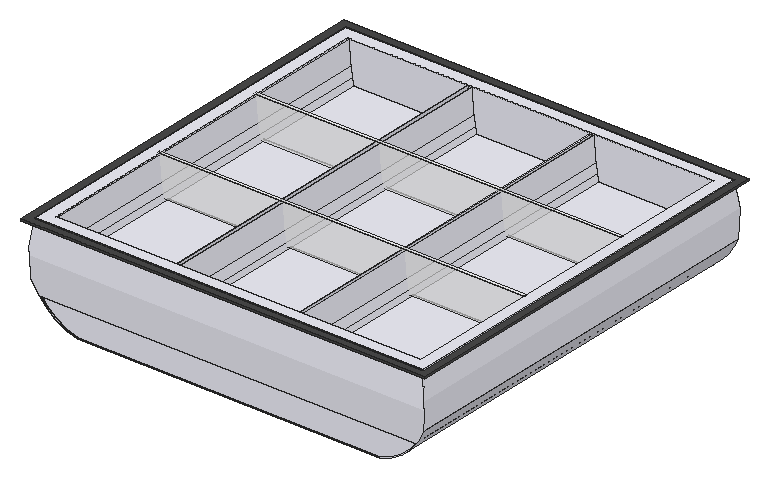
Revit family "P4D22", category Lighting Fixtures, host Face, Revit 2012
Parameters (values of type "P4D22-232U6G-MA33")
  Wattage Comments = "25-54 W"
  Wattage = 9.2903 W
  built-in parameter 1150110 = 1 (stored number, unit not read)
  URL = "http://www.columbialighting.com/"
  built-in parameter 1114217 = 1 (stored number, unit not read)
  Tilt Angle = 90.00°
  built-in parameter 1150109 = 1 (stored number, unit not read)
  built-in parameter 1150134 = 3
  built-in parameter 1150113 = 1 (stored number, unit not read)
  Product Specification Sheet = "http://www.columbialighting.com/products/p4d"
  Product Page URL = "http://www.columbialighting.com/content/products/specs/specs_files/p4d22_2.pdf"
  Photometric Web File = "12474.IES"
  Model = "P4D22_2"  # constant formula
  Manufacturer Phone = "(864)-678-1000"  # constant formula
  Manufacturer Fax = "(864)-678-1065"  # constant formula
  Manufacturer = "Columbia Lighting"  # constant formula
  built-in parameter 1150105 = 109.82 (stored number, unit not read)
  Lumens = 1380 lm
  built-in parameter 1150115 = 1 (stored number, unit not read)
  built-in parameter 1150137 = (empty or 0)
  built-in parameter 1150139 = (empty or 0)
  built-in parameter 1150112 = 1 (stored number, unit not read)
  built-in parameter 1150114 = 1 (stored number, unit not read)
  Lamp = "Two or Four"
  built-in parameter 1150132 = (empty or 0)
  built-in parameter 1150102 = (empty or 0)
  built-in parameter 1150107 = 3200 (stored number, unit not read)
  built-in parameter 1150138 = (empty or 0)
  built-in parameter 1150106 = 1.0982 (stored number, unit not read)
  Glass = Glass
  Finish = Steel
  Emit from Line Length = 24"
  built-in parameter 1150104 = 13.8 (stored number, unit not read)
  Dimming Lamp Color Temperature Shift = <None>
  Description = "High Efficiency Static Parabolic"  # constant formula
  Default Elevation = 48"
  Color Filter = 16777215
  built-in parameter 1114218 = 1 (stored number, unit not read)
  built-in parameter 1150133 = 10 (stored number, unit not read)
  Apparent Load = 0 VA
  Airtight = Black
Reference planes (in)
  plane 1 "Center (Front/Back)": y = 0
  plane 2: z = 0
  plane 3 "Center (Left/Right)": x = 0
  plane 4: x = -12.5
  plane 5: x = 12.5
  plane 6: y = 11.75
  plane 7: y = -11.75
  plane 8: z = -3
  plane 9: z = -6
Forms (in)
  Extrusion 1, void
    sketch origin (0.5, -180, 2.21291) x (0, -1, 0) y (1, 0, 0)
      loop
        line (-191.75, -13) -> (-168.25, -13) -> (-168.25, 12) -> (-191.75, 12) -> (-191.75, -13)
    from -2.21291 to -9.46291
  Extrusion 2, solid, material "Steel" <- "Finish"
    sketch origin (0, 0, 0) x (1, 0, 0) y (0, 0, 1)
      loop
        arc (-11.50546, -2.25746) -> (-11.46517, -2.47364) -> (-11.42066, -2.689) r 11.27174
        line (-11.42066, -2.689) -> (-4.38334, -2.689)
        arc (-4.38334, -2.689) -> (-4.33883, -2.47364) -> (-4.29854, -2.25746) r 11.27174
        line (-4.29854, -2.25746) -> (-4.18476, -1.61223) -> (-4.054, -0.11757) -> (-4.09769, -0.11757) -> (-4.22796, -1.60654) -> (-4.3414, -2.2499)
        arc (-4.3414, -2.2499) -> (-4.37817, -2.44803) -> (-4.4185, -2.64547) r 11.22821
        line (-4.4185, -2.64547) -> (-11.3855, -2.64547)
        arc (-11.3855, -2.64547) -> (-11.42583, -2.44803) -> (-11.4626, -2.2499) r 11.22821
        line (-11.4626, -2.2499) -> (-11.57604, -1.60654) -> (-11.70631, -0.11757) -> (-11.75, -0.11757) -> (-11.61923, -1.61223) -> (-11.50546, -2.25746)
      loop
        arc (-3.60346, -2.25746) -> (-3.56317, -2.47364) -> (-3.51866, -2.689) r 11.27174
        line (-3.51866, -2.689) -> (3.51866, -2.689)
        arc (3.51866, -2.689) -> (3.56317, -2.47364) -> (3.60346, -2.25746) r 11.27174
        line (3.60346, -2.25746) -> (3.71724, -1.61223) -> (3.848, -0.11757) -> (3.80431, -0.11757) -> (3.67404, -1.60654) -> (3.5606, -2.2499)
        arc (3.5606, -2.2499) -> (3.52383, -2.44803) -> (3.4835, -2.64547) r 11.22821
        line (3.4835, -2.64547) -> (-3.4835, -2.64547)
        arc (-3.4835, -2.64547) -> (-3.52383, -2.44803) -> (-3.5606, -2.2499) r 11.22821
        line (-3.5606, -2.2499) -> (-3.67404, -1.60654) -> (-3.80431, -0.11757) -> (-3.848, -0.11757) -> (-3.71724, -1.61223) -> (-3.60346, -2.25746)
      loop
        arc (4.24454, -2.25746) -> (4.28483, -2.47364) -> (4.32934, -2.689) r 11.27174
        line (4.32934, -2.689) -> (11.36666, -2.689)
        arc (11.36666, -2.689) -> (11.41117, -2.47364) -> (11.45146, -2.25746) r 11.27174
        line (11.45146, -2.25746) -> (11.56524, -1.61223) -> (11.696, -0.11757) -> (11.65231, -0.11757) -> (11.52204, -1.60654) -> (11.4086, -2.2499)
        arc (11.4086, -2.2499) -> (11.37183, -2.44803) -> (11.3315, -2.64547) r 11.22821
        line (11.3315, -2.64547) -> (4.3645, -2.64547)
        arc (4.3645, -2.64547) -> (4.32417, -2.44803) -> (4.2874, -2.2499) r 11.22821
        line (4.2874, -2.2499) -> (4.17396, -1.60654) -> (4.04369, -0.11757) -> (4, -0.11757) -> (4.13077, -1.61223) -> (4.24454, -2.25746)
    from -11.75 to 11.75
  Extrusion 3, solid, material "Glass" <- "Glass"
    sketch origin (0, 4.14611, 0) x (1, 0, 0) y (0, 0, -1)
      loop
        line (-11.8355, 0) -> (11.7952, 0) -> (11.66444, 1.49466) -> (11.55067, 2.13989)
        arc (11.55067, 2.13989) -> (11.51037, 2.35607) -> (11.46586, 2.57143) r 11.27174
        line (11.46586, 2.57143) -> (-11.4455, 2.57143)
        arc (-11.4455, 2.57143) -> (-11.47659, 2.41466) -> (-11.50546, 2.25746) r 11.27174
        line (-11.50546, 2.25746) -> (-11.76853, 0.76555) -> (-11.8355, 0)
    from 0.17228 to 0.38324
  Sweep 4, solid, material "Steel" <- "Finish"
    path origin (0, 0, 0) x (1, 0, 0) y (0, 1, 0)
      loop
        line (-12.30078, 12.30078) -> (-12.30078, -12.30078) -> (12.30078, -12.30078) -> (12.30078, 12.30078) -> (-12.30078, 12.30078)
    profile origin (0, 12.30078, 0) x (0, 1, 0) y (0, 0, 1)
      loop
        line (-0.55078, 0) -> (-0.55078, -6) -> (0.19922, -6) -> (0.19922, -4.38688)
        arc (0.19922, -4.38688) -> (0.38761, -2.19344) -> (0.19922, 0) r 12.86352
        line (0.19922, 0) -> (-0.55078, 0)
  Extrusion 5, void
    sketch origin (0, 0, 0) x (1, 0, 0) y (0, 0, 1)
      loop
        arc (-9.72148, -6) -> (-11.56014, -5.013) -> (-12.69922, -3.26448) r 4.21131
        line (-12.69922, -3.26448) -> (-12.69922, -6) -> (-9.72148, -6)
      loop
        line (9.72148, -6) -> (12.69922, -6) -> (12.69922, -3.26448)
        arc (12.69922, -3.26448) -> (11.56014, -5.013) -> (9.72148, -6) r 4.21131
    from -12.81178 to 12.84717
  Extrusion 6, solid, material "Steel" <- "Finish"
    sketch origin (0, 0, 0) x (1, 0, 0) y (0, 0, 1)
      loop
        line (-9.72148, -6) -> (9.72148, -6)
        arc (9.72148, -6) -> (11.48043, -5.08438) -> (12.62536, -3.46531) r 4.21131
        line (12.62536, -3.46531) -> (12.57067, -3.46531)
        arc (12.57067, -3.46531) -> (11.44175, -5.05073) -> (9.71528, -5.94922) r 4.16052
        line (9.71528, -5.94922) -> (-9.71528, -5.94922)
        arc (-9.71528, -5.94922) -> (-11.44175, -5.05073) -> (-12.57067, -3.46531) r 4.16052
        line (-12.57067, -3.46531) -> (-12.62536, -3.46531)
        arc (-12.62536, -3.46531) -> (-11.48043, -5.08438) -> (-9.72148, -6) r 4.21131
    from -12.5 to 12.5
  Extrusion 7, solid, material "Glass" <- "Glass"
    sketch origin (0, -3.60389, 0) x (1, 0, 0) y (0, 0, -1)
      loop
        line (-11.8355, 0) -> (11.7952, 0) -> (11.66444, 1.49466) -> (11.55067, 2.13989)
        arc (11.55067, 2.13989) -> (11.51037, 2.35607) -> (11.46586, 2.57143) r 11.27174
        line (11.46586, 2.57143) -> (-11.50616, 2.57143)
        arc (-11.50616, 2.57143) -> (-11.55067, 2.35607) -> (-11.59097, 2.13989) r 11.27174
        line (-11.59097, 2.13989) -> (-11.70474, 1.49466) -> (-11.8355, 0)
    from 0.17228 to 0.38324
  Extrusion 8, solid, material "Black" <- "Airtight"
    sketch origin (0, 0, 0) x (1, 0, 0) y (0, 1, 0)
      loop
        line (12.5, 12.5) -> (-12.5, 12.5) -> (-12.5, -12.5) -> (12.5, -12.5) -> (12.5, 12.5)
      loop
        line (13, 13) -> (-13, 13) -> (-13, -13) -> (13, -13) -> (13, 13)
    from 0 to -0.11757
Cuts and joins
  Extrusion 5 cuts Sweep 4
Dimensions and locks (in)
  plane 7 to plane 1 "Center (Front/Back)" = 11 3/4"
  plane 6 to plane 1 "Center (Front/Back)" = 11 3/4"
  locked: plane 4 to plane 3 "Center (Left/Right)" at 12.5
  locked: plane 3 "Center (Left/Right)" to plane 5 at 12.5
  aligned and locked: plane 2 to host face
  aligned and locked: level to host face
  aligned and locked: Extrusion 1 sketch curve to plane 6
  aligned and locked: Extrusion 1 sketch curve to plane 4
  aligned and locked: Extrusion 1 sketch curve to plane 7
  aligned and locked: plane 5 to Extrusion 1 sketch curve
  aligned and locked: Extrusion 1 to plane 2
  aligned and locked: plane 7 to Extrusion 2
  aligned and locked: plane 6 to Extrusion 2
  aligned and locked: plane 9 to Sweep 4 sketch curve
  aligned and locked: Extrusion 3 sketch curve to Extrusion 2
  aligned and locked: Extrusion 8 to imposter light
  aligned and locked: imposter light to plane 1 "Center (Front/Back)"
Connectors (in)
  electrical at (0, 0, -6), driven by "Description"
    settings: on Extrusion 6, index 1, voltage 0 V, apparent load 0 VA, apparent load phase1 0 VA, apparent load phase2 0 VA, apparent load phase3 0 VA, power factor 1, load classification "Other", number of poles 1, system type 30, power factor state 1, is connector primary yes, connector utility no, sub classification motor no, connector description "High Efficiency Static Parabolic"
Types in the file's own list only (6): name | Photometric Web File
  P4D22-240TT-MA33 | "12469"
  P4D22-317G-MA33-S | "13230"
  P4D22-331U1-MA33 | "12463"
  P4D22-340TT-MA33 | "12474"
  P4D22-417G-MA44 | "13172"
   | 
